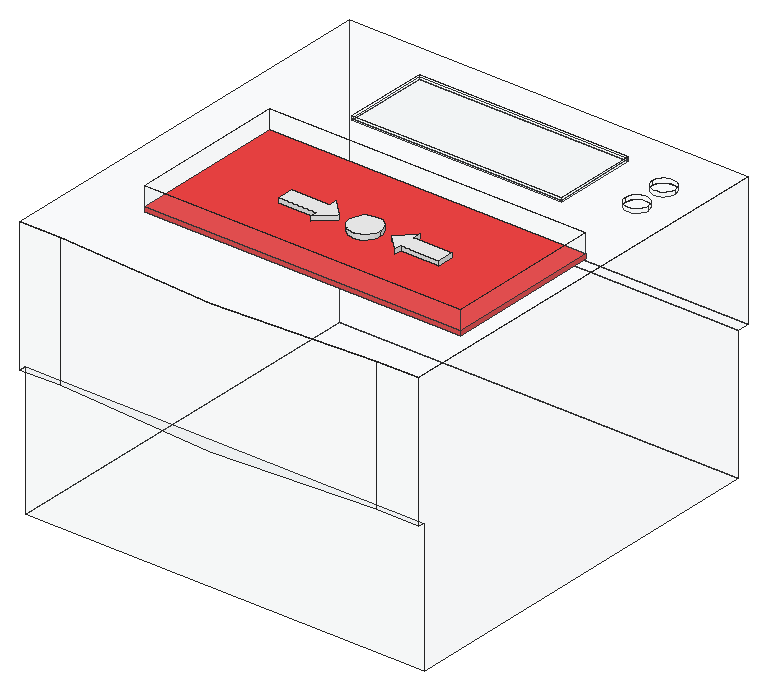
Revit family "Maxlogic ПДУ “Пуск пожаротушения”", category Fire Alarm Devices, host Face, Revit 2021
Family settings
  Host = Face
  Maintain Annotation Orientation = Yes
  Round Connector Dimension = Use Diameter
  Part Type = Normal
  OmniClass Number = 23.85.30.21
  OmniClass Title = Environmental Detection/Registration
  Cut with Voids When Loaded = No
  Shared = No
  Room Calculation Point = No
Parameters (values of type "Maxlogic ПДУ “Пуск пожаротушения”")
  Вес = "140 гр"
  Монтажный короб для установки извещателя с поверхностной прокладкой кабеля = ""
  Гарантийный срок = "Года"
  Гарантийный срок запчастей = "2"
  Гарантия срока службы = "2"
  Версия = ""
  URL = "https://www.mavili.com.tr/"
  Монтажный комплект для установки извещателя в подвесной потолок = ""
  Номер позы общественных работ = "833-260"
  Прозрачная защитная крышка = "ML-0710"
  Класс защиты = "IP22D"
  Код продукта = "ML-2710.MR"
  Номер телефона = "(+)90 216 466 45 05"
  Рабочее напряжение (по умолчанию) = "24 В Пост. ток"
  Диапазон рабочего напряжения = "10-30 В Пост. ток"
  Рабочая Температура = "(-10°C) - (+55°C)"
  Номинальная глубина = "58 мм"
  Номинальная ширина = "87 мм"
  Номинальная высота = "91 мм"
  Монтажная поверхность = "Настенная"
  Монтажная высота = "Выше пола на 140 см (+/-200мм)"
  Model = "MaxLogic"
  Manufacturer = "Mavili Elektronik Ticaret A.Ş."
  Инструкция по установке = "https://mavilielektronik.com/Revit/ML2710MR_RU.pdf"
  Выход индикации = ""
  Номер факса = "(+)90 216 466 45 10"
  Резервное питание = ""
  Почта = "mavili@mavili.com.tr"
  Отказ = ""
  Настройка адреса устройства = ""
  Description = "ПДУ “Пуск пожаротушения”"
  Default Elevation = 0 mm
  Потребление тока = ""
  Валюта = ""
  Cost = 0
  Совместимые базы для монтажа = ""
  Цвет = "Желтый"
  Производительность кода = "EN 12094-3"
  Главный Материал = "Желтый пластмассовый ABS"
  Вторичный материал = "Пластмассовый"
  Адрес №1 = "Şerifali Mahallesi Kutup Sokak No:27/1-2-4 Ümraniye TR-34775 İSTANBUL"
Reference planes
  plane 1 "Center (Front/Back)": y = 0
  plane 2: z = 0
  plane 3 "Center (Left/Right)": x = 0
Forms (mm)
  Extrusion 1, solid, material "Mavili sarı"
    sketch origin (0, 0, 0) x (1, 0, 0) y (0, 1, 0)
      loop
        line (0, 89.883) -> (0, 0) -> (8.74, 0)
        arc (8.74, 0) -> (43.246, -2.016) -> (77.752, 0) r 296.28
        line (77.752, 0) -> (87.027, 0) -> (87.027, 89.883) -> (0, 89.883)
    from 0 to 58
  Extrusion 2, void
    sketch origin (0, 0, 0) x (0, 1, 0) y (0, 0, 1)
      loop
        line (89.883, 29.005) -> (87.283, 29.005) -> (87.283, -4.106) -> (89.883, -4.106) -> (89.883, 29.005)
    from 0 to 90.479
  Extrusion 3, void
    sketch origin (0, 0, 0) x (0, 1, 0) y (0, 0, 1)
      loop
        line (-3.567, 28.975) -> (-3.567, -2.735) -> (1.471, -2.735) -> (1.471, 28.975) -> (-3.567, 28.975)
    from 0 to 87.027
  Extrusion 4, void
    sketch origin (0, 0, 58) x (0, 1, 0) y (1, 0, 0)
      loop
        line (57.252, 8.74) -> (57.252, 77.752) -> (22.919, 77.752) -> (22.919, 8.74) -> (57.252, 8.74)
    from 0 to 5
  Extrusion 5, solid, material "Render Material 255-0-0"
    sketch origin (0, 0, 53) x (0, 1, 0) y (-1, 0, 0)
      loop
        line (57.252, -8.74) -> (22.919, -8.74) -> (22.919, -77.752) -> (57.252, -77.752) -> (57.252, -8.74)
    from 0 to 1
  Extrusion 6, solid, material "Render Material 255-255-255"
    sketch origin (0, 0, 54) x (1, 0, 0) y (0, 1, 0)
      loop
        circle (43.246, 40.085) r 3.37
    from 0 to 1
  Extrusion 7, solid, material "Render Material 255-255-255"
    sketch origin (0, 0, 54) x (1, 0, 0) y (0, 1, 0)
      loop
        line (49.1, 40.085) -> (52.47, 36.715) -> (52.47, 38.309) -> (60.788, 38.309) -> (60.788, 41.861) -> (52.47, 41.861) -> (52.47, 43.455) -> (49.1, 40.085)
    from 0 to 1
  Extrusion 8, solid, material "Render Material 255-255-255"
    sketch origin (86.492, 0, 54) x (-1, 0, 0) y (0, -1, 0)
      loop
        line (49.1, -40.085) -> (52.47, -43.455) -> (52.47, -41.861) -> (60.788, -41.861) -> (60.788, -38.309) -> (52.47, -38.309) -> (52.47, -36.715) -> (49.1, -40.085)
    from 0 to 1
  Extrusion 9, void
    sketch origin (0, 0, 58) x (0, 1, 0) y (1, 0, 0)
      loop
        circle (78.518, 77.752) r 2.471
    from 0 to 1
  Extrusion 10, void
    sketch origin (0, -7.362, 58) x (0, 1, 0) y (1, 0, 0)
      loop
        circle (78.518, 77.752) r 2.471
    from 0 to 1
  Extrusion 11, void
    sketch origin (0, 0, 58) x (0, 1, 0) y (1, 0, 0)
      loop
        line (82.6, 21.063) -> (82.6, 66.836) -> (64.116, 66.836) -> (64.116, 21.063) -> (82.6, 21.063)
    from 0 to 1
  Extrusion 12, solid, material "Mavili sarı"
    sketch origin (0, 0, 57) x (0, 1, 0) y (-1, 0, 0)
      loop
        line (82.6, -21.063) -> (64.116, -21.063) -> (64.116, -66.836) -> (82.6, -66.836) -> (82.6, -21.063)
    from 0 to 0.5
Cuts and joins
  Extrusion 2, Extrusion 3, Extrusion 4, Extrusion 9, Extrusion 10, Extrusion 11 cuts Extrusion 1
Dimensions and locks
  aligned and locked: plane 2 to host face
  aligned and locked: level to host face
